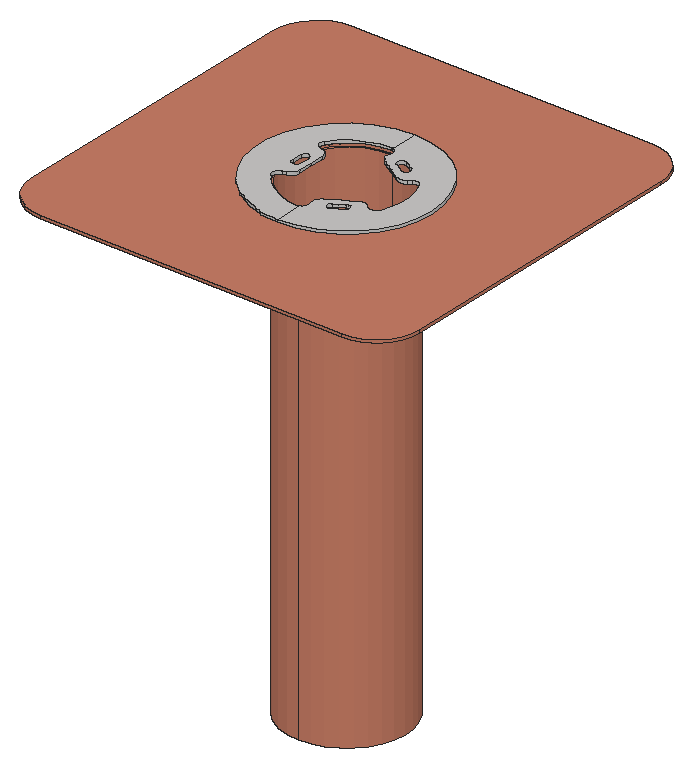
Revit family "Plumbing_Drainage_Menzies-Metal_Clamp-Tite_Overflow-Scupper-Drain", category Plumbing Fixtures, host Face, Revit 2018
Family settings
  Host = Face
  Round Connector Dimension = Use Diameter
  Part Type = Normal
  OmniClass Number = 23.70.50.21.24.11
  OmniClass Title = Roof Waste Water Drains
  Cut with Voids When Loaded = No
  Shared = No
  Room Calculation Point = No
Parameters (values of type "3"")
  Weight = 2.10 lbf
  URL = "https://www.menzies-metal.com/flat-roofing/clamp-tite-overflow-scupper-drain/"
  Product data url = "https://www.bimobject.com/menzies-metal/product/clamptite-overflow-scupper-drain"
  Product Material = Metal - Menzies Metal Products - Copper
  Product Guid = "c1325e74-c826-4641-ac84-0b4e6b436f97"
  Pipe Length Note = "Longer pipes available.  Pipes can be field cut to the desired length."  # constant formula
  Pipe Length = 11"
  Pipe Diameter = 2 3/4"
  Model = "300-3170"
  Manufacturer = "Menzies Metal Products"  # constant formula
  Edition number = 1
  Drain Flow = 0 GPM
  Description = "Clamp-Tite Overflow Scupper Drain"  # constant formula
  Default Elevation = 48"
  Assembly Code = "D2040200"
Reference planes (in)
  plane 1 "Center (Front/Back)": y = 0
  plane 2: z = 0
  plane 3 "Center (Left/Right)": x = 0
  plane 4: z = -11
  plane 5: y = 1.375
  plane 6: y = -1.375
  plane 7: z = 0
  plane 8: z = 0.05867
  plane 9: z = -0.2
  plane 10: z = -0.2
  plane 11: y = 4.5
  plane 12: x = 4.5
  plane 13: y = -4.5
  plane 14: x = -4.5
Forms (in)
  Revolve 1, solid, material "Metal - Menzies Metal Products - Copper" <- "Product Material", detail levels coarse
    sketch origin (0, 0, 0) x (0, 1, 0) y (0, 0, 1)
      loop
        line (0, 0.05867) -> (0, -11) -> (1.375, -11) -> (1.375, 0.05867) -> (0, 0.05867)
      axis (0, 0.05867) -> (0, -11)
    angle from 0 to 360
  Revolve 2, solid, material "Metal - Menzies Metal Products - Copper" <- "Product Material", detail levels medium+fine
    sketch origin (0, 0, 0) x (0, 1, 0) y (0, 0, 1)
      loop
        line (1.375, -0.2) -> (1.575, 0) -> (1.32422, 0) -> (1.32422, -11) -> (1.375, -11) -> (1.375, -0.2)
      axis (0, 0) -> (0, -11)
    angle from 0 to 360
  Revolve 3, void
    sketch origin (0, 0, 0) x (0, 1, 0) y (0, 0, 1)
      loop
        line (1.375, -11) -> (1.375, -0.2) -> (1.575, 0) -> (0, 0) -> (0, -11) -> (1.375, -11)
      axis (0, 0) -> (0, -11)
    angle from 0 to 360
  Revolve 4, solid, material "Metal - Menzies Metal Products - Stainless Steel", detail levels medium+fine
    sketch origin (0, 0, 0) x (0, 1, 0) y (0, 0, 1)
      loop
        line (0, 0.05867) -> (2, 0.05867) -> (2, 0.11968) -> (0, 0.11968) -> (0, 0.05867)
      axis (0, 0.11968) -> (0, 0.05867)
    angle from 0 to 360
  Revolve 5, solid, material "Metal - Menzies Metal Products - Stainless Steel", detail levels coarse
    sketch origin (0, 0, 0) x (1, 0, 0) y (0, 0, 1)
      loop
        line (0, 0.05867) -> (0, 0.11968) -> (-2, 0.11968) -> (-2, 0.05867) -> (0, 0.05867)
      axis (0, 0.11968) -> (0, 0.05867)
    angle from 0 to 360
  Revolve 6, solid, material "Metal - Menzies Metal Products - Stainless Steel", detail levels coarse
    sketch origin (0, 0, 0) x (1, 0, 0) y (0, 0, 1)
      loop
        line (0, 0.05867) -> (0, 0.11968) -> (-2, 0.11968) -> (-2, 0.05867) -> (0, 0.05867)
      axis (0, 0.11968) -> (0, 0.05867)
    angle from 0 to 360
  Extrusion 7, void
    sketch origin (0, 0, 0.11968) x (0, 1, 0) y (-1, 0, 0)
      loop
        arc (1.37419, 0.04732) -> (1.20478, 0.66267) -> (0.77579, 1.13524) r 1.375
        arc (0.77579, 1.13524) -> (0.64269, 1.15335) -> (0.54846, 1.05761) r 0.15
        line (0.54846, 1.05761) -> (0.51606, 0.95759)
        arc (0.51606, 0.95759) -> (0.44343, 0.85747) -> (0.32579, 0.81921) r 0.2
        line (0.32579, 0.81921) -> (0, 0.81921) -> (-0.32772, 0.81921)
        arc (-0.32772, 0.81921) -> (-0.44587, 0.85784) -> (-0.51838, 0.9588) r 0.2
        line (-0.51838, 0.9588) -> (-0.54919, 1.05601)
        arc (-0.54919, 1.05601) -> (-0.64333, 1.15252) -> (-0.77693, 1.13446) r 0.15
        arc (-0.77693, 1.13446) -> (-1.20511, 0.66207) -> (-1.37419, 0.04732) r 1.375
        arc (-1.37419, 0.04732) -> (-1.31766, -0.07522) -> (-1.18555, -0.10275) r 0.15
        line (-1.18555, -0.10275) -> (-1.12753, -0.08725)
        arc (-1.12753, -0.08725) -> (-1.00179, -0.09471) -> (-0.90545, -0.17584) r 0.2
        line (-0.90545, -0.17584) -> (-0.73639, -0.45125) -> (-0.56944, -0.72322)
        arc (-0.56944, -0.72322) -> (-0.54057, -0.84433) -> (-0.58895, -0.95906) r 0.2
        line (-0.58895, -0.95906) -> (-0.63369, -1.01052)
        arc (-0.63369, -1.01052) -> (-0.66724, -1.13993) -> (-0.58421, -1.24472) r 0.15
        arc (-0.58421, -1.24472) -> (0, -1.375) -> (0.58421, -1.24472) r 1.375
        arc (0.58421, -1.24472) -> (0.66724, -1.13993) -> (0.63369, -1.01052) r 0.15
        line (0.63369, -1.01052) -> (0.58895, -0.95906)
        arc (0.58895, -0.95906) -> (0.54057, -0.84433) -> (0.56944, -0.72322) r 0.2
        line (0.56944, -0.72322) -> (0.73639, -0.45125) -> (0.90545, -0.17584)
        arc (0.90545, -0.17584) -> (1.00179, -0.09471) -> (1.12753, -0.08725) r 0.2
        line (1.12753, -0.08725) -> (1.18555, -0.10275)
        arc (1.18555, -0.10275) -> (1.31766, -0.07522) -> (1.37419, 0.04732) r 0.15
      loop
        line (0.93215, -0.41953) -> (0.79872, -0.63664)
        arc (0.79872, -0.63664) -> (0.83153, -0.77394) -> (0.96881, -0.74105) r 0.09979
        line (0.96881, -0.74105) -> (1.09644, -0.53286)
        arc (1.09644, -0.53286) -> (1.07096, -0.39406) -> (0.93215, -0.41953) r 0.09979
      loop
        arc (-0.93215, -0.41953) -> (-1.07096, -0.39406) -> (-1.09644, -0.53286) r 0.09979
        line (-1.09644, -0.53286) -> (-0.96881, -0.74105)
        arc (-0.96881, -0.74105) -> (-0.83153, -0.77394) -> (-0.79872, -0.63664) r 0.09979
        line (-0.79872, -0.63664) -> (-0.93215, -0.41953)
      loop
        line (-0.13105, 0.95861) -> (0.12378, 0.95841)
        arc (0.12378, 0.95841) -> (0.22365, 1.05818) -> (0.12382, 1.15799) r 0.09979
        line (0.12382, 1.15799) -> (-0.12037, 1.1579)
        arc (-0.12037, 1.1579) -> (-0.22536, 1.0636) -> (-0.13105, 0.95861) r 0.09979
    from -0.06101 to 0.84689
  Extrusion 8, solid, material "Metal - Menzies Metal Products - Copper" <- "Product Material", detail levels medium+fine
    sketch origin (0, 0, 0) x (1, 0, 0) y (0, 1, 0)
      loop
        arc (-3.5, 4.5) -> (-4.20711, 4.20711) -> (-4.5, 3.5) r 1
        line (-4.5, 3.5) -> (-4.5, -3.5)
        arc (-4.5, -3.5) -> (-4.20711, -4.20711) -> (-3.5, -4.5) r 1
        line (-3.5, -4.5) -> (3.5, -4.5)
        arc (3.5, -4.5) -> (4.20711, -4.20711) -> (4.5, -3.5) r 1
        line (4.5, -3.5) -> (4.5, 3.5)
        arc (4.5, 3.5) -> (4.20711, 4.20711) -> (3.5, 4.5) r 1
        line (3.5, 4.5) -> (-3.5, 4.5)
      loop
        circle (0, 0) r 1.375
    from 0 to 0.05867
  Revolve 9, solid, material "Metal - Menzies Metal Products - Copper", detail levels coarse
    sketch origin (0, 0, 0) x (1, 0, 0) y (0, 0, 1)
      loop
        line (0, 0) -> (-1.375, 0) -> (-1.375, -11) -> (0, -11) -> (0, 0)
      axis (0, 0) -> (0, -11)
    angle from 0 to 360
  Extrusion 10, solid, material "Metal - Menzies Metal Products - Copper", detail levels coarse
    sketch origin (0, 0, 0) x (1, 0, 0) y (0, 1, 0)
      loop
        line (-4.5, 4.5) -> (-4.5, -4.5) -> (4.5, -4.5) -> (4.5, 4.5) -> (-4.5, 4.5)
    from 0 to 0.05867
Cuts and joins
  Extrusion 7 cuts Revolve 4
Lines and regions (in)
  Masking region 1, detail levels medium+fine
    outline origin (0, 0, 0) x (1, 0, 0) y (0, 1, 0)
      loop
        arc (-3.5, 4.5) -> (-4.20711, 4.20711) -> (-4.5, 3.5) r 1
        line (-4.5, 3.5) -> (-4.5, -3.5)
        arc (-4.5, -3.5) -> (-4.20711, -4.20711) -> (-3.5, -4.5) r 1
        line (-3.5, -4.5) -> (3.5, -4.5)
        arc (3.5, -4.5) -> (4.20711, -4.20711) -> (4.5, -3.5) r 1
        line (4.5, -3.5) -> (4.5, 3.5)
        arc (4.5, 3.5) -> (4.20711, 4.20711) -> (3.5, 4.5) r 1
        line (3.5, 4.5) -> (-3.5, 4.5)
  Masking region 2, detail levels coarse
    outline origin (0, 0, 0) x (1, 0, 0) y (0, 1, 0)
      loop
        line (-4.5, 4.5) -> (-4.5, -4.5) -> (4.5, -4.5) -> (4.5, 4.5) -> (-4.5, 4.5)
  symbolic lines
    curve 1: arc (-2, 0, 0) -> (0, 2, 0) -> (2, 0, 0) r 2
    curve 2: arc (2, 0, 0) -> (0, -2, 0) -> (-2, 0, 0) r 2
  symbolic lines, detail levels medium+fine
    curve 3: arc (-1.13446, -0.77693, 0) -> (-0.66207, -1.20511, 0) -> (-0.04732, -1.37419, 0) r 1.375
    curve 4: arc (-0.04732, -1.37419, 0) -> (0.07522, -1.31766, 0) -> (0.10275, -1.18555, 0) r 0.15
    curve 5: line (0.10275, -1.18555, 0) -> (0.08725, -1.12753, 0)
    curve 6: arc (0.08725, -1.12753, 0) -> (0.09471, -1.00179, 0) -> (0.17584, -0.90545, 0) r 0.2
    curve 7: line (0.17584, -0.90545, 0) -> (0.45125, -0.73639, 0)
    curve 8: line (0.45125, -0.73639, 0) -> (0.72322, -0.56944, 0)
    curve 9: arc (0.72322, -0.56944, 0) -> (0.84433, -0.54057, 0) -> (0.95906, -0.58895, 0) r 0.2
    curve 10: line (0.95906, -0.58895, 0) -> (1.01052, -0.63369, 0)
    curve 11: arc (1.01052, -0.63369, 0) -> (1.13993, -0.66724, 0) -> (1.24472, -0.58421, 0) r 0.15
    curve 12: arc (1.24472, -0.58421, 0) -> (1.375, 0, 0) -> (1.24472, 0.58421, 0) r 1.375
    curve 13: arc (1.24472, 0.58421, 0) -> (1.13993, 0.66724, 0) -> (1.01052, 0.63369, 0) r 0.15
    curve 14: line (1.01052, 0.63369, 0) -> (0.95906, 0.58895, 0)
    curve 15: arc (0.95906, 0.58895, 0) -> (0.84433, 0.54057, 0) -> (0.72322, 0.56944, 0) r 0.2
    curve 16: line (0.72322, 0.56944, 0) -> (0.45125, 0.73639, 0)
    curve 17: line (0.45125, 0.73639, 0) -> (0.17584, 0.90545, 0)
    curve 18: arc (0.17584, 0.90545, 0) -> (0.09471, 1.00179, 0) -> (0.08725, 1.12753, 0) r 0.2
    curve 19: line (0.08725, 1.12753, 0) -> (0.10275, 1.18555, 0)
    curve 20: arc (0.10275, 1.18555, 0) -> (0.07522, 1.31766, 0) -> (-0.04732, 1.37419, 0) r 0.15
    curve 21: arc (-0.04732, 1.37419, 0) -> (-0.66267, 1.20478, 0) -> (-1.13524, 0.77579, 0) r 1.375
    curve 22: arc (-1.13524, 0.77579, 0) -> (-1.15335, 0.64269, 0) -> (-1.05761, 0.54846, 0) r 0.15
    curve 23: line (-1.05761, 0.54846, 0) -> (-0.95759, 0.51606, 0)
    curve 24: arc (-0.95759, 0.51606, 0) -> (-0.85747, 0.44343, 0) -> (-0.81921, 0.32579, 0) r 0.2
    curve 25: line (-0.81921, 0.32579, 0) -> (-0.81921, 0, 0)
    curve 26: line (-0.81921, 0, 0) -> (-0.81921, -0.32772, 0)
    curve 27: arc (-0.81921, -0.32772, 0) -> (-0.85784, -0.44587, 0) -> (-0.9588, -0.51838, 0) r 0.2
    curve 28: line (-0.9588, -0.51838, 0) -> (-1.05601, -0.54919, 0)
    curve 29: arc (-1.05601, -0.54919, 0) -> (-1.15252, -0.64333, 0) -> (-1.13446, -0.77693, 0) r 0.15
    curve 30: arc (-1.1579, -0.12037, 0) -> (-1.0636, -0.22536, 0) -> (-0.95861, -0.13105, 0) r 0.09979
    curve 31: line (-0.95861, -0.13105, 0) -> (-0.95841, 0.12378, 0)
    curve 32: line (-1.15799, 0.12382, 0) -> (-1.1579, -0.12037, 0)
    curve 33: arc (-0.95841, 0.12378, 0) -> (-1.05818, 0.22365, 0) -> (-1.15799, 0.12382, 0) r 0.09979
    curve 34: line (0.41953, 0.93215, 0) -> (0.63664, 0.79872, 0)
    curve 35: arc (0.53286, 1.09644, 0) -> (0.39406, 1.07096, 0) -> (0.41953, 0.93215, 0) r 0.09979
    curve 36: line (0.74105, 0.96881, 0) -> (0.53286, 1.09644, 0)
    curve 37: arc (0.63664, 0.79872, 0) -> (0.77394, 0.83153, 0) -> (0.74105, 0.96881, 0) r 0.09979
    curve 38: arc (0.74105, -0.96881, 0) -> (0.77394, -0.83153, 0) -> (0.63664, -0.79872, 0) r 0.09979
    curve 39: line (0.63664, -0.79872, 0) -> (0.41953, -0.93215, 0)
    curve 40: line (0.53286, -1.09644, 0) -> (0.74105, -0.96881, 0)
    curve 41: arc (0.41953, -0.93215, 0) -> (0.39406, -1.07096, 0) -> (0.53286, -1.09644, 0) r 0.09979
Dimensions and locks (in)
  equal spacing: plane 5, plane 1 "Center (Front/Back)", plane 6
  "Pipe Diameter": plane 5 to plane 6
  locked: plane 5 to Revolve 2 sketch curve at 0.05078
  level to Revolve 3 sketch curve = 0.2"
  "Pipe Length": plane 7 to plane 4
  Revolve 4 sketch curve to plane 1 "Center (Front/Back)" = 2"
  equal spacing: plane 14, plane 3 "Center (Left/Right)", plane 12
  equal spacing: plane 11, plane 1 "Center (Front/Back)", plane 13
  plane 11 to plane 13 = 9"
  plane 14 to plane 12 = 9"
  aligned and locked: plane 2 to host face
  aligned and locked: level to host face
  aligned and locked: Revolve 1 sketch curve to plane 4
  aligned and locked: Revolve 1 sketch curve to plane 5
  aligned and locked: Revolve 2 sketch curve to plane 4
  aligned and locked: Revolve 3 sketch curve to plane 4
  aligned and locked: Revolve 3 sketch curve to plane 1 "Center (Front/Back)"
  aligned and locked: plane 5 to Revolve 3 sketch curve
  aligned and locked: plane 7 to level
  aligned and locked: Revolve 5 sketch curve to Revolve 4
  aligned and locked: Revolve 5 sketch curve to plane 3 "Center (Left/Right)"
  aligned and locked: Revolve 5 to Revolve 6 sketch curve
  aligned and locked: Revolve 6 sketch curve to plane 3 "Center (Left/Right)"
  aligned and locked: plane 8 to Revolve 1
  aligned and locked: plane 1 "Center (Front/Back)" to Revolve 4 sketch curve
  aligned and locked: Extrusion 7 sketch curve to Revolve 2  (x3)
  aligned and locked: level to Revolve 2 sketch curve
  aligned and locked: plane 10 to Revolve 2 sketch curve
  aligned and locked: Extrusion 8 sketch curve to plane 11
  aligned and locked: Extrusion 8 sketch curve to plane 14
  aligned and locked: Extrusion 8 sketch curve to plane 12
  aligned and locked: Extrusion 8 to Revolve 5
  aligned and locked: Revolve 9 sketch curve to Revolve 2  (x2)
  aligned and locked: Revolve 9 sketch curve to Revolve 1
  aligned and locked: Revolve 9 sketch curve to plane 3 "Center (Left/Right)"
  aligned and locked: Extrusion 10 sketch curve to Extrusion 8  (x4)
  aligned and locked: Extrusion 10 to Revolve 1
  aligned and locked: Masking region 1 sketch curve to Extrusion 8  (x4)
  aligned and locked: Masking region 2 sketch curve to Extrusion 10  (x4)
  aligned and locked: curve 1 to Revolve 6
  aligned and locked: curve 2 to Revolve 6
Automatic sketch dimensions
  host sketch curve to host sketch curve = 72.78718"
  host sketch curve to host sketch curve = 77.68638"
  Revolve 5 sketch curve to Revolve 5 sketch curve = 2"
  Revolve 5 sketch curve to plane 4 = 11.05867"
  Revolve 5 sketch curve to Revolve 5 sketch curve = 102.59914"
  Revolve 6 sketch curve to plane 4 = 13"
  Revolve 6 sketch curve to Revolve 6 sketch curve = 102.59914"
  Revolve 3 sketch curve to plane 1 "Center (Front/Back)" = 0"
  Revolve 3 sketch curve to level = 0"
  Revolve 3 sketch curve to plane 5 = 0.2"
  Revolve 3 sketch curve to plane 4 = 11.05867"
  plane 8 to Revolve 3 sketch curve = 92.21719"
  Revolve 1 sketch curve to plane 1 "Center (Front/Back)" = 0"  (x2)
  Revolve 1 sketch curve to plane 8 = 0"
  Revolve 1 sketch curve to plane 4 = 7.17947"
  Revolve 1 sketch curve to Revolve 1 sketch curve = 92.21719"
  Revolve 5 sketch curve to plane 8 = 0"
  Revolve 5 sketch curve to plane 3 "Center (Left/Right)" = 0"
  Revolve 6 sketch curve to plane 3 "Center (Left/Right)" = 0"
  Revolve 6 sketch curve to plane 8 = 0"
  Revolve 4 sketch curve to plane 1 "Center (Front/Back)" = 0"
  Revolve 4 sketch curve to plane 8 = 0"
  Revolve 4 sketch curve to Revolve 4 sketch curve = 0.06101"
  Revolve 4 sketch curve to plane 4 = 12"
  Revolve 4 sketch curve to Revolve 4 sketch curve = 92.15618"
  Extrusion 7 sketch curve to Extrusion 7 sketch curve = 0"
  Extrusion 7 sketch curve to Extrusion 7 sketch curve = 0.12386"
  Extrusion 7 sketch curve to Revolve 4 = 1.15799"
  Extrusion 7 sketch curve to Extrusion 7 sketch curve = 0.00004"
  Extrusion 7 sketch curve to Revolve 4 = 0.95841"
  Extrusion 7 sketch curve to Extrusion 7 sketch curve = 0.00008"
  Extrusion 7 sketch curve to Extrusion 7 sketch curve = 0.45154"
  Extrusion 7 sketch curve to Revolve 4 = 1.1579"
  Extrusion 7 sketch curve to Extrusion 7 sketch curve = 0.24419"
  Extrusion 7 sketch curve to Revolve 4 = 0.9588"
  Extrusion 7 sketch curve to Extrusion 7 sketch curve = 0.19066"
  Extrusion 7 sketch curve to Extrusion 7 sketch curve = 0.52048"
  Extrusion 7 sketch curve to Extrusion 7 sketch curve = 0.00534"  (x2)
  Extrusion 7 sketch curve to Revolve 4 = 0.95861"
  Extrusion 7 sketch curve to Revolve 4 = 1.05601"
  Extrusion 7 sketch curve to Extrusion 7 sketch curve = 0.03081"
  Revolve 4 to Extrusion 7 sketch curve = 0.72322"  (x2)
  Extrusion 7 sketch curve to Extrusion 7 sketch curve = 0.04896"  (x2)
  Revolve 4 to Extrusion 7 sketch curve = 0.95906"  (x2)
  Extrusion 7 sketch curve to Extrusion 7 sketch curve = 0.06847"  (x2)
  Revolve 4 to Extrusion 7 sketch curve = 1.01052"  (x2)
  Extrusion 7 sketch curve to Extrusion 7 sketch curve = 0.04473"  (x2)
  Extrusion 7 sketch curve to Extrusion 7 sketch curve = 0.14299"
  Revolve 4 to Extrusion 7 sketch curve = 0.45125"  (x2)
  Extrusion 7 sketch curve to Extrusion 7 sketch curve = 0.16695"  (x2)
  Extrusion 7 sketch curve to Extrusion 7 sketch curve = 0.15094"  (x2)
  Revolve 4 to Extrusion 7 sketch curve = 0.63664"  (x2)
  Extrusion 7 sketch curve to Extrusion 7 sketch curve = 0.06233"  (x2)
  Extrusion 7 sketch curve to Extrusion 7 sketch curve = 0.08502"  (x2)
  Revolve 4 to Extrusion 7 sketch curve = 0.17584"  (x2)
  Extrusion 7 sketch curve to Extrusion 7 sketch curve = 0.16906"  (x2)
  Revolve 4 to Extrusion 7 sketch curve = 0.41953"  (x2)
  Extrusion 7 sketch curve to Extrusion 7 sketch curve = 0.19576"  (x2)
  Revolve 4 to Extrusion 7 sketch curve = 0.74105"  (x2)
  Extrusion 7 sketch curve to Extrusion 7 sketch curve = 0.08508"  (x2)
  Extrusion 7 sketch curve to Extrusion 7 sketch curve = 0.08214"  (x4)
  Extrusion 7 sketch curve to Extrusion 7 sketch curve = 0.17045"  (x2)
  Revolve 4 to Extrusion 7 sketch curve = 0.53286"  (x2)
  Revolve 4 to Extrusion 7 sketch curve = 0.08725"  (x2)
  Extrusion 7 sketch curve to Extrusion 7 sketch curve = 0.05163"  (x2)
  Revolve 4 to Extrusion 7 sketch curve = 0.10275"  (x2)
  Extrusion 7 sketch curve to Extrusion 7 sketch curve = 0.05802"  (x2)
  Extrusion 7 sketch curve to Revolve 4 = 0.04216"  (x2)
  Extrusion 7 sketch curve to Extrusion 7 sketch curve = 0.03872"  (x2)
  Extrusion 7 sketch curve to Extrusion 7 sketch curve = 0.32579"
  Extrusion 7 sketch curve to Revolve 4 = 0.95759"
  Extrusion 7 sketch curve to Extrusion 7 sketch curve = 0.19027"
  Extrusion 7 sketch curve to Extrusion 7 sketch curve = 1.04096"
  Extrusion 7 sketch curve to Revolve 4 = 1.05761"
  Extrusion 7 sketch curve to Extrusion 7 sketch curve = 0.03239"
  Extrusion 7 sketch curve to Extrusion 7 sketch curve = 0.1427"
  Extrusion 7 sketch curve to Extrusion 7 sketch curve = 0.09841"  (x2)
  Extrusion 7 sketch curve to Extrusion 7 sketch curve = 0.33878"
  Extrusion 7 sketch curve to Extrusion 7 sketch curve = 0.04531"
  Extrusion 7 sketch curve to Extrusion 7 sketch curve = 0.04622"
  Revolve 6 sketch curve to plane 3 "Center (Left/Right)" = 2"
  Revolve 2 sketch curve to plane 1 "Center (Front/Back)" = 0"
  Revolve 2 sketch curve to plane 5 = 0.2"
  Revolve 2 sketch curve to plane 4 = 20.25"
  plane 8 to Revolve 2 sketch curve = 92.21719"
  plane 13 to Extrusion 8 sketch curve = 0"
  Extrusion 8 sketch curve to plane 14 = 1"
  Extrusion 8 sketch curve to plane 6 = 2.125"
  Extrusion 8 sketch curve to plane 12 = 1"
  Extrusion 8 sketch curve to plane 11 = 1"
  Revolve 2 sketch curve to plane 5 = 0"
  Revolve 9 sketch curve to Revolve 9 sketch curve = 1.375"
  Revolve 9 sketch curve to plane 4 = 13"
  plane 8 to Revolve 9 sketch curve = 102.66016"
  curve 1 to curve 3 = 0"  (x2)
  curve 4 to plane 3 "Center (Left/Right)" = 0.04216"
  plane 6 to curve 4 = 0.15073"
  curve 3 to plane 3 "Center (Left/Right)" = 1.13446"
  plane 6 to curve 4 = 0.00081"
  curve 3 to curve 4 = 0"
  plane 3 "Center (Left/Right)" to curve 4 = 0.10275"
  curve 5 to curve 5 = 0.0155"
  curve 5 to curve 5 = 0.05802"
  curve 6 to curve 6 = 0.19322"
  curve 6 to curve 6 = 0.05163"
  plane 3 "Center (Left/Right)" to curve 6 = 0.17584"
  curve 7 to curve 7 = 0.27541"
  curve 7 to curve 7 = 0.16906"
  curve 7 to curve 8 = 0.27197"
  curve 7 to curve 8 = 0.16695"
  curve 9 to curve 9 = 0.10463"
  curve 9 to curve 9 = 0.17045"
  curve 9 to curve 9 = 0.13121"
  curve 10 to curve 10 = 0.05146"
  curve 10 to curve 10 = 0.04473"
  curve 11 to curve 11 = 0.09841"
  curve 11 to curve 11 = 0.11321"
  curve 11 to curve 11 = 0.13579"
  curve 1 to curve 12 = 0"
  curve 12 to curve 11 = 0"
  curve 12 to plane 1 "Center (Front/Back)" = 0.58421"
  curve 13 to curve 12 = 0.13579"
  curve 13 to curve 13 = 0.09841"
  curve 13 to curve 12 = 0"
  curve 14 to curve 14 = 0.05146"
  curve 14 to curve 14 = 0.04473"
  curve 15 to curve 14 = 0.13121"
  curve 14 to curve 15 = 0.15094"
  curve 15 to curve 15 = 0.10463"
  curve 16 to curve 16 = 0.27197"
  curve 16 to curve 16 = 0.16695"
  plane 3 "Center (Left/Right)" to curve 17 = 0.17584"
  curve 16 to curve 17 = 0.16906"
  curve 18 to curve 18 = 0.10463"
  curve 18 to curve 18 = 0.17045"
  plane 3 "Center (Left/Right)" to curve 18 = 0.08725"
  curve 19 to curve 19 = 0.0155"
  curve 19 to curve 19 = 0.05802"
  curve 20 to plane 3 "Center (Left/Right)" = 0.04216"
  curve 19 to curve 20 = 0.03872"
  plane 5 to curve 20 = 0.00081"
  curve 1 to curve 21 = 0"
  curve 21 to plane 3 "Center (Left/Right)" = 1.13524"
  curve 21 to curve 20 = 0"
  curve 21 to curve 22 = 0.12384"
  curve 22 to curve 21 = 0"
  curve 22 to curve 22 = 0.04622"
  curve 22 to curve 23 = 0.10002"
  curve 23 to curve 22 = 0.03239"
  curve 24 to curve 23 = 0.06162"
  curve 24 to curve 23 = 0.19027"
  plane 1 "Center (Front/Back)" to curve 25 = 0"
  plane 1 "Center (Front/Back)" to curve 26 = 0.32772"
  curve 27 to curve 27 = 0.2"
  curve 27 to curve 27 = 0.06042"
  curve 28 to curve 27 = 0.09722"
  curve 28 to curve 27 = 0.03081"
  curve 29 to curve 29 = 0.04531"
  curve 30 to curve 27 = 0.03904"
  plane 1 "Center (Front/Back)" to curve 31 = 0.13105"
  curve 30 to curve 31 = 0.09965"
  curve 31 to curve 30 = 0.00534"
  curve 30 to curve 30 = 0.09965"
  curve 31 to plane 1 "Center (Front/Back)" = 0.12378"
  curve 31 to curve 25 = 0.1392"
  curve 32 to plane 1 "Center (Front/Back)" = 0.12382"
  curve 32 to curve 31 = 0.19958"
  curve 33 to curve 31 = 0.09979"
  curve 34 to curve 16 = 0.03172"
  curve 35 to curve 35 = 0.05666"  (x2)
  curve 16 to curve 34 = 0.19576"
  curve 35 to curve 35 = 0.08214"
  curve 16 to curve 34 = 0.18539"
  curve 16 to curve 34 = 0.06233"
  curve 34 to curve 36 = 0.10441"
  curve 34 to curve 36 = 0.17009"
  curve 37 to curve 36 = 0.05215"
  curve 7 to curve 39 = 0.18539"
  curve 38 to curve 38 = 0.05225"
  curve 38 to curve 9 = 0.14384"
  curve 38 to curve 39 = 0.08502"
  curve 39 to curve 7 = 0.03172"
  curve 38 to curve 38 = 0.05215"
  curve 39 to curve 7 = 0.19576"
  curve 39 to curve 40 = 0.11333"
  curve 40 to curve 39 = 0.16428"
  curve 41 to curve 40 = 0.05666"
Connectors (in)
  piping at (0, 0, -11), diameter 2.75, driven by "Drain Flow", driven by "Pipe Diameter"
    settings: on Revolve 2, index 1, connector inside diameter 24", connector length 0", flow factor 0, pipe flow 0 GPM, pressure drop 0.00 psi, fitting loss kfactor 0, connector angle 0.00°, fixture units 0, engagement length 0", angle of deflection 0.00°, flow configuration 0, flow direction 2, fitting loss method 0, system type 22, joint type 0, gender type 0, connector reference index -1, connector utility 0, adjustable connector no, is connector primary yes, connector description "Connector for Roof Drain"
